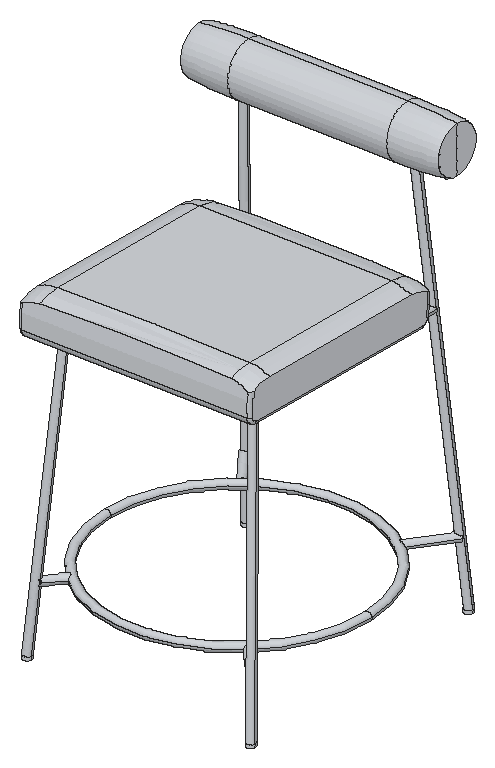
Revit family "Keilhauer-Toob-Stool+", category Furniture, Revit 2021
Family settings
  OmniClass Number = 23.40.20.00
  OmniClass Title = General Furniture and Specialties
  Work Plane-Based = No
  Always vertical = Yes
  Cut with Voids When Loaded = No
  Shared = No
  Room Calculation Point = No
Parameters (values of type "98110")
  Width = 31 1/2"
  URL = "https://keilhauer.com/"
  Type Comments = "Toob"  # constant formula
  Sustainability = "https://keilhauer.com/planet-keilhauer/"
  Seat Finish [instance] = none
  Rear-Top-Mid-Dist = 8 13/16"  # constant formula
  Rear-Top-Center-Dist = if(Seat Height = 24 1/4", 6 13/32", 6 1/2")  # 6 13/32"
  Seat Height = 24 1/4"
  Product Documentation Link = "https://keilhauer.com/product-family/toob/"
  Model = "98110"
  Rear-Btm-Mid-Dist = if(Seat Height = 24 1/4", 11 7/16", 12")  # 11 7/16"
  Manufacturer = "Keilhauer"  # constant formula
  Revit File Built By = "https://servex-us.com/servex-revit/"
  Legs Finish [instance] = none
  Keynote = "12500"
  Height = 16 3/4"
  Front-Bar-Dist = -1 7/8"  # constant formula
  Default Elevation = 0"
  Glides Finish [instance] = none
  Description = "Counter Stool"
  Depth = 31 1/2"
  Copyright = "© 2024 Keilhauer"  # constant formula
  Front-Btm-Mid-Dist = if(Seat Height = 24 1/4", 9", 9 3/8")  # 9"
  Rear-Btm-Center-Dist = if(Seat Height = 24 1/4", 8 5/16", 8 3/4")  # 8 5/16"
  Front-Btm-Center-Dist = if(Seat Height = 24 1/4", 8 3/8", 8 11/16")  # 8 3/8"
  Back Finish [instance] = none
  Back Bar Dist = if(Seat Height = 24 1/4", -3 11/16", -3 5/8")  # -3 11/16"
  Assembly Code = "E2020200"
Types (3): name | Rear-Top-Center-Dist | Seat Height | Model | Rear-Btm-Mid-Dist | Description | Front-Btm-Mid-Dist | Rear-Btm-Center-Dist | Front-Btm-Center-Dist | Back Bar Dist
  (no name) | 6 13/32" | 24 1/4" | "98110" | 11 7/16" | "Counter Stool" | 9" | 8 5/16" | 8 3/8" | -3 11/16"
  98110 | 6 13/32" | 24 1/4" | "98110" | 11 7/16" | "Counter Stool" | 9" | 8 5/16" | 8 3/8" | -3 11/16"
  98120 | 6 1/2" | 30" | "98120" | 12" | "Bar Stool" | 9 3/8" | 8 3/4" | 8 11/16" | -3 5/8"
Reference planes (in)
  plane 1 "Center Front/Back": y = 0
  plane 2: z = 0
  plane 3 "Center Left/Right": x = 0
Forms (in)
  Blend 1, solid, material <- "Legs Finish"
    base sketch origin (0, 0, 0) x (1, 0, 0) y (0, 1, 0)
      loop
        circle (-8.3125, 11.4375) r 0.3125
    top sketch origin (0, 0, 0) x (1, 0, 0) y (0, 1, 0)
      loop
        circle (-6.40625, 8.8125) r 0.3125
    from 0.26219 to 30.75538
  Blend 2, solid, material <- "Legs Finish"
    base sketch origin (0, 0, 0) x (-1, 0, 0) y (0, -1, 0)
      loop
        circle (-8.3125, -11.4375) r 0.3125
    top sketch origin (0, 0, 0) x (-1, 0, 0) y (0, -1, 0)
      loop
        circle (-6.40625, -8.8125) r 0.3125
    from 0.26219 to 30.75538
  Blend 3, solid, material <- "Legs Finish"
    base sketch origin (0, 0, 0) x (1, 0, 0) y (0, 1, 0)
      loop
        circle (-8.375, -9) r 0.3125
    top sketch origin (0, 0, 0) x (1, 0, 0) y (0, 1, 0)
      loop
        circle (-7.03169, -7.15541) r 0.3125
    from 0.26219 to 21.46779
  Blend 4, solid, material <- "Legs Finish"
    base sketch origin (0, 0, 0) x (-1, 0, 0) y (0, -1, 0)
      loop
        circle (-8.375, 9) r 0.3125
    top sketch origin (0, 0, 0) x (-1, 0, 0) y (0, -1, 0)
      loop
        circle (-7.03169, 7.15541) r 0.3125
    from 0.26219 to 21.46779
  Extrusion 5, solid, material <- "Glides Finish"
    sketch origin (0, 0, 0) x (1, 0, 0) y (0, 1, 0)
      loop
        circle (-8.3125, 11.4375) r 0.3125
      loop
        circle (8.3125, 11.4375) r 0.3125
      loop
        circle (-8.375, -9) r 0.3125
      loop
        circle (8.375, -9) r 0.3125
    from 0 to 0.26219
Lines and regions (in)
  symbolic lines, style "FurnitureHiddenLines"
    curve 1: line (-8.56664, 11.2586, 0) -> (-6.66179, 8.63262, 0)
    curve 2: line (-8.05867, 11.61684, 0) -> (-6.15103, 8.99282, 0)
    curve 3: arc (-6.15103, 8.99282, 0) -> (-6.22615, 8.55712, 0) -> (-6.66179, 8.63262, 0) r 0.3125
    curve 4: arc (-8.56664, 11.2586, 0) -> (-8.49162, 11.69149, 0) -> (-8.05867, 11.61684, 0) r 0.31079
    curve 5: line (8.56664, 11.2586, 0) -> (6.66179, 8.63262, 0)
    curve 6: line (8.05867, 11.61684, 0) -> (6.15103, 8.99283, 0)
    curve 7: arc (6.15103, 8.99283, 0) -> (6.22615, 8.55712, 0) -> (6.66179, 8.63262, 0) r 0.3125
    curve 8: arc (8.56664, 11.2586, 0) -> (8.49162, 11.69148, 0) -> (8.05867, 11.61684, 0) r 0.31079
    curve 9: line (-7.3028, -6.99997, 0) -> (-8.64485, -8.8424, 0)
    curve 10: line (-8.10515, -9.1576, 0) -> (-6.76311, -7.31517, 0)
    curve 11: arc (-6.76311, -7.31517, 0) -> (-6.87535, -6.88773, 0) -> (-7.3028, -6.99997, 0) r 0.3125
    curve 12: arc (-8.64485, -8.8424, 0) -> (-8.5326, -9.26985, 0) -> (-8.10515, -9.1576, 0) r 0.3125
    curve 13: line (7.3028, -6.99997, 0) -> (8.64485, -8.8424, 0)
    curve 14: line (8.10515, -9.1576, 0) -> (6.76311, -7.31517, 0)
    curve 15: arc (6.76311, -7.31517, 0) -> (6.87535, -6.88773, 0) -> (7.3028, -6.99997, 0) r 0.3125
    curve 16: arc (8.64485, -8.8424, 0) -> (8.5326, -9.26985, 0) -> (8.10515, -9.1576, 0) r 0.3125
Dimensions and locks (in)
  "Seat Height": nested 1 to plane 2
  "Rear-Btm-Mid-Dist": plane 1 "Center Front/Back" to Blend 1 sketch curve
  "Rear-Btm-Center-Dist": Blend 1 sketch curve to plane 3 "Center Left/Right"
  locked: Blend 1 to nested 1 at 6.50538
  locked: Blend 1 to plane 2 at 0.26219
  "Rear-Btm-Center-Dist": plane 3 "Center Left/Right" to Blend 2 sketch curve
  "Rear-Btm-Mid-Dist": plane 1 "Center Front/Back" to Blend 2 sketch curve
  "Rear-Top-Center-Dist": plane 3 "Center Left/Right" to Blend 2 sketch curve
  "Rear-Top-Mid-Dist": plane 1 "Center Front/Back" to Blend 2 sketch curve
  "Rear-Top-Center-Dist": Blend 1 sketch curve to plane 3 "Center Left/Right"
  "Rear-Top-Mid-Dist": plane 1 "Center Front/Back" to Blend 1 sketch curve
  locked: nested 1 to Blend 3 at 2.78221
  locked: Blend 3 to plane 2 at 0.26219
  locked: Blend 2 to nested 1 at 6.50538
  "Front-Btm-Center-Dist": Blend 3 sketch curve to plane 3 "Center Left/Right"
  "Front-Btm-Mid-Dist": Blend 3 sketch curve to plane 1 "Center Front/Back"
  locked: Blend 3 sketch curve to plane 3 "Center Left/Right" at 7.03169
  locked: plane 3 "Center Left/Right" to Blend 4 sketch curve at 7.03169
  locked: Blend 4 sketch curve to plane 1 "Center Front/Back" at 7.15541
  locked: Blend 3 sketch curve to plane 1 "Center Front/Back" at 7.15541
  "Front-Btm-Center-Dist": plane 3 "Center Left/Right" to Blend 4 sketch curve
  "Front-Btm-Mid-Dist": Blend 4 sketch curve to plane 1 "Center Front/Back"
  "Rear-Btm-Center-Dist": Extrusion 5 sketch curve to plane 3 "Center Left/Right"
  "Rear-Btm-Center-Dist": plane 3 "Center Left/Right" to Extrusion 5 sketch curve
  "Rear-Btm-Mid-Dist": plane 1 "Center Front/Back" to Extrusion 5 sketch curve  (x2)
  "Front-Btm-Center-Dist": Extrusion 5 sketch curve to plane 3 "Center Left/Right"
  "Front-Btm-Center-Dist": plane 3 "Center Left/Right" to Extrusion 5 sketch curve
  "Front-Btm-Mid-Dist": Extrusion 5 sketch curve to plane 1 "Center Front/Back"  (x2)
  locked: nested 1 to Blend 4 at 2.78221
  "Rear-Btm-Center-Dist": curve 4 to plane 3 "Center Left/Right"
  "Rear-Btm-Mid-Dist": plane 1 "Center Front/Back" to curve 4
  "Rear-Top-Mid-Dist": plane 1 "Center Front/Back" to curve 3
  "Rear-Top-Center-Dist": curve 3 to plane 3 "Center Left/Right"
  "Rear-Top-Center-Dist": plane 3 "Center Left/Right" to curve 7
  "Rear-Top-Mid-Dist": plane 1 "Center Front/Back" to curve 7
  "Rear-Btm-Mid-Dist": plane 1 "Center Front/Back" to curve 8
  "Rear-Btm-Center-Dist": plane 3 "Center Left/Right" to curve 8
  locked: curve 11 to plane 3 "Center Left/Right" at 7.03295
  locked: plane 3 "Center Left/Right" to curve 15 at 7.03295
  "Front-Btm-Mid-Dist": curve 16 to plane 1 "Center Front/Back"
  "Front-Btm-Mid-Dist": curve 12 to plane 1 "Center Front/Back"
  locked: curve 11 to plane 1 "Center Front/Back" at 7.15757
  locked: curve 15 to plane 1 "Center Front/Back" at 7.15757
  "Front-Btm-Center-Dist": curve 12 to plane 3 "Center Left/Right"
  "Front-Btm-Center-Dist": plane 3 "Center Left/Right" to curve 16
  aligned and locked: level to plane 2
  aligned and locked: Extrusion 5 to plane 2
  aligned and locked: Extrusion 5 to Blend 1
  aligned and locked: Blend 4 to Extrusion 5
Automatic sketch dimensions
  curve 1 to curve 4 = 0.25414"
  curve 9 to curve 12 = 0.26985"
  curve 12 to curve 10 = 0.26985"
  curve 4 to curve 2 = 0.25383"
  curve 9 to curve 11 = 0.26984"
  curve 11 to curve 10 = 0.26985"
  curve 1 to curve 3 = 0.25554"
  curve 3 to curve 2 = 0.25522"
  curve 6 to curve 7 = 0.25522"
  curve 7 to curve 5 = 0.25554"
  curve 14 to curve 15 = 0.26985"
  curve 15 to curve 13 = 0.26984"
  curve 6 to curve 8 = 0.25383"
  curve 14 to curve 16 = 0.26985"
  curve 8 to curve 5 = 0.25414"
  curve 16 to curve 13 = 0.26985"
  curve 10 to curve 12 = 0.1576"
  curve 14 to curve 16 = 0.1576"
  curve 14 to curve 15 = 0.1576"
  curve 10 to curve 11 = 0.1576"
  curve 1 to curve 3 = 0.17988"
  curve 5 to curve 7 = 0.17988"
  curve 1 to curve 4 = 0.1789"
  curve 5 to curve 8 = 0.1789"
  radius of Blend 4 sketch curve = 5/16"  (x2)
  radius of Blend 3 sketch curve = 5/16"  (x2)
  radius of Blend 1 sketch curve = 5/16"  (x2)
  radius of Blend 2 sketch curve = 5/16"  (x2)
  radius of Extrusion 5 sketch curve = 5/16"  (x4)
Nested families (in)
  nested 1: "TOOB-Stool" at (0, 0, 24.25), type "TOOB-Stool"
Definition of nested family "TOOB-Stool"
  Parameters (values of type "TOOB-Stool")
    Seat Finish = none
    Revit Model Built By = "https://servex-us.com/servex-revit/"
    Legs Finish = none
    Front Bar Dist = -1 7/8"
    Default Elevation = 0"
    Back Finish = none
    Back Bar Dist = -3 11/16"
  Reference planes (in)
    plane 1 "Center (Front/Back)": y = 0
    plane 2: z = 0
    plane 3 "Center (Left/Right)": x = 0
    plane 4: z = -19.10762
  Forms (in)
    Revolve 1, solid, material <- "Back Finish"
      sketch origin (0, 8.6875, -3.75) x (1, 0, 0) y (0, 0, 1)
        loop
          line (-9.65002, 12.13246) -> (9.65002, 12.13246) -> (9.64998, 13.86898)
          spline (9.64998, 13.86898) -> (9.59422, 13.90028) -> (9.48039, 13.93087) -> (9.31029, 13.96025) -> (9.08664, 13.98795) -> (8.813, 14.01353) -> (8.4937, 14.0366) -> (8.13385, 14.05677) -> (7.73915, 14.07373) -> (7.31588, 14.08721) -> (6.87079, 14.09699) -> (6.41096, 14.10293) -> (5.94368, 14.10492)
          line (5.94368, 14.10492) -> (-5.94368, 14.10492)
          spline (-5.94368, 14.10492) -> (-6.41096, 14.10293) -> (-6.87079, 14.09699) -> (-7.31588, 14.08721) -> (-7.73915, 14.07373) -> (-8.13385, 14.05677) -> (-8.4937, 14.0366) -> (-8.813, 14.01353) -> (-9.08664, 13.98795) -> (-9.31029, 13.96025) -> (-9.48039, 13.93087) -> (-9.59422, 13.90028) -> (-9.64998, 13.86898)
          line (-9.64998, 13.86898) -> (-9.65002, 12.13246)
        axis (9.65002, 12.13246) -> (-9.65002, 12.13246)
      angle from 0 to 360
    Sweep 2, solid, material <- "Seat Finish"
      path origin (0, 0, -3.75) x (0, 1, 0) y (0, 0, 1)
        loop
          arc (7.09879, 4.43361) -> (7.40237, 2.84885) -> (7.36078, 1.2358) r 7.51806
          arc (7.36078, 1.2358) -> (7.10536, 0.76798) -> (6.60255, 0.59115) r 0.74381
          line (6.60255, 0.59115) -> (-8.74732, 1.02528)
          arc (-8.74732, 1.02528) -> (-9.23986, 1.23003) -> (-9.46971, 1.71137) r 0.74585
          arc (-9.46971, 1.71137) -> (-9.38165, 3.48838) -> (-8.84199, 5.18376) r 6.89785
      profile origin (0, -1.07239, -2.94178) x (0, -0.028271, -0.9996) y (1, 0, 0)
        loop
          arc (0, 8.40991) -> (-0.07322, 8.58669) -> (-0.25, 8.65991) r 0.25
          line (-0.25, 8.65991) -> (-0.25, -8.65991)
          arc (-0.25, -8.65991) -> (-0.07322, -8.58669) -> (0, -8.40991) r 0.25
          line (0, -8.40991) -> (0, 8.40991)
    Extrusion 3, solid, material <- "Seat Finish"
      sketch origin (0, 0, -3.75) x (0, 1, 0) y (0, 0, 1)
        loop
          arc (6.60961, 0.84105) -> (6.94343, 0.95845) -> (7.113, 1.26903) r 0.49381
          arc (7.113, 1.26903) -> (7.1532, 2.82843) -> (6.85972, 4.3605) r 7.26806
          line (6.85972, 4.3605) -> (-8.61554, 5.07784)
          arc (-8.61554, 5.07784) -> (-9.13563, 3.44391) -> (-9.2205, 1.7313) r 6.64785
          arc (-9.2205, 1.7313) -> (-9.0677, 1.4113) -> (-8.74025, 1.27518) r 0.49585
          line (-8.74025, 1.27518) -> (6.60961, 0.84105)
      from -8.65991 to 8.65991
    Sweep 4, void
      path origin (0, 0, -3.75) x (0, 1, 0) y (0, 0, 1)
        loop
          arc (8.04854, 2.9763) -> (6.93567, 3.62698) -> (5.67749, 3.90781) r 4.18209
          arc (5.67749, 3.90781) -> (-0.97728, 4.21792) -> (-7.63893, 4.28443) r 182.1209
          arc (-7.63893, 4.28443) -> (-9.05403, 4.03284) -> (-10.30755, 3.32964) r 4.30691
      profile origin (0, -0.97728, 0.46792) x (0, -0.028271, -0.9996) y (1, 0, 0)
        loop
          arc (0.89551, -9.183) -> (0.33834, -8.23798) -> (0.12132, -7.16262) r 3.30385
          arc (0.12132, -7.16262) -> (0.00552, 0) -> (0.12132, 7.16262) r 221.56091
          arc (0.12132, 7.16262) -> (0.33834, 8.23798) -> (0.89551, 9.183) r 3.30385
          line (0.89551, 9.183) -> (-2.09904, 9.183) -> (-2.09904, -9.183) -> (0.89551, -9.183)
    Sweep 5, solid, material <- "Legs Finish"
      path origin (0, 0, -3.75) x (0, 1, 0) y (0, 0, 1)
        loop
          line (9.72351, 0.19847) -> (-7.15955, 0.67453)
      profile origin (0, 1.28198, -3.3135) x (0, -0.028187, -0.999603) y (1, 0, 0)
        loop
          circle (0, -7.05929) r 0.3125
        loop
          circle (0, 7.05929) r 0.3125
    Extrusion 6, solid, material <- "Legs Finish"
      sketch origin (0, 0, -3.75) x (0, 1, 0) y (0, 0, 1)
        loop
          circle (3.93827, 0.3639) r 0.3125
        loop
          circle (-6.11892, 0.64399) r 0.3125
      from -6.97141 to 6.97141
    Sweep 7, solid, material <- "Legs Finish"
      path origin (0, 11.28712, -19.10762) x (0, 1, 0.000026) y (-1, 0, 0)
        loop
          circle (-11.14524, 0) r 10.1495
      profile origin (0, 10.29138, -19.10764) x (0, -1, -0.000026) y (0, -0.000026, 1)
        loop
          circle (0.38182, 0) r 0.3125
    Extrusion 8, solid, material <- "Legs Finish"
      sketch origin (-6.66388, -7.13139, -19.0848) x (-0.750528, 0.660836, 0.00189) y (0.002402, -0.000132, 0.999997)
        loop
          circle (0, -0.02514) r 0.3125
      from 0 to -1.875 <- "Front Bar Dist"
    Extrusion 9, solid, material <- "Legs Finish"
      sketch origin (6.66388, -7.13139, -19.0848) x (0.750528, 0.660836, 0.00189) y (0.002402, 0.000132, -0.999997)
        loop
          circle (0, 0.02514) r 0.3125
      from 0 to -1.875 <- "Front Bar Dist"
    Extrusion 10, solid, material <- "Legs Finish"
      sketch origin (-5.90392, 7.99609, -19.10771) x (0.805944, 0.591992, 0.000015) y (0, -0.000026, 1)
        loop
          circle (0, 0) r 0.3125
      from 0 to -3.6875 <- "Back Bar Dist"
    Extrusion 11, solid, material <- "Legs Finish"
      sketch origin (5.90392, 7.99609, -19.10771) x (-0.805944, 0.591992, 0.000015) y (0, 0.000026, -1)
        loop
          circle (0, 0) r 0.3125
      from 0 to -3.6875 <- "Back Bar Dist"
  Cuts and joins
    Sweep 4 cuts Sweep 2
    Sweep 4 cuts Extrusion 3
    joined: Sweep 2, Extrusion 3
  Lines and regions (in)
    symbolic lines, detail levels medium+fine
      curve 1: circle (0, 0, 0) r 10.14828 normal (0, 0, 1)
      curve 2: circle (0, 0, 0) r 9.5 normal (0, 0, 1)
    symbolic lines
      curve 3: line (-8.65991, 6.75, 0) -> (-8.65991, -9.13949, 0)
      curve 4: arc (-8.65991, -9.13949, 0) -> (-8.55605, -9.39024, 0) -> (-8.3053, -9.49411, 0) r 0.35461
      curve 5: line (-8.3053, -9.49411, 0) -> (8.3053, -9.49411, 0)
      curve 6: line (8.65991, 6.75, 0) -> (8.65991, -9.13949, 0)
      curve 7: arc (8.65991, -9.13949, 0) -> (8.55605, -9.39024, 0) -> (8.3053, -9.49411, 0) r 0.35461
      curve 8: line (-6.11724, 6.71497, 0) -> (6.11724, 6.71497, 0)
      curve 9: line (-6.11724, 10.66141, 0) -> (6.11724, 10.66141, 0)
      curve 10: arc (-9.64998, 10.42401, 0) -> (-7.88759, 10.60199, 0) -> (-6.11724, 10.66141, 0) r 26.40423
      curve 11: arc (-9.64998, 6.95099, 0) -> (-7.88755, 6.77404, 0) -> (-6.11724, 6.71497, 0) r 26.55671
      curve 12: line (-9.64998, 6.95099, 0) -> (-9.64998, 10.42401, 0)
      curve 13: arc (9.64998, 10.42401, 0) -> (7.88759, 10.60199, 0) -> (6.11724, 10.66141, 0) r 26.40423
      curve 14: arc (9.64998, 6.95099, 0) -> (7.88755, 6.77404, 0) -> (6.11724, 6.71497, 0) r 26.55671
      curve 15: line (9.64998, 6.95099, 0) -> (9.64998, 10.42401, 0)
  Dimensions and locks (in)
    aligned and locked: plane 2 to level
    aligned and locked: Extrusion 3 to Sweep 2  (x2)
